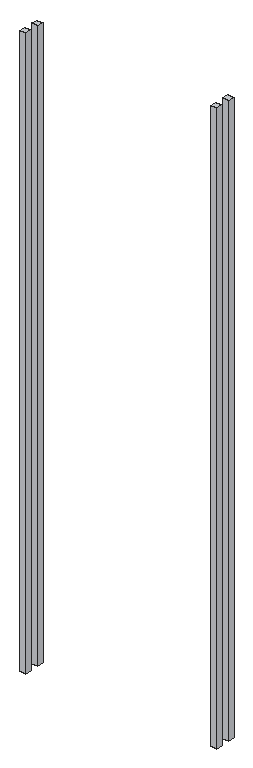
Revit family "c9aee10a26604fdaa734806d3d70e11a", category Generic Models, Revit 2021
Family settings
  Can host rebar = No
  Round Connector Dimension = Use Diameter
  Part Type = Normal
  Work Plane-Based = No
  Always vertical = Yes
  Cut with Voids When Loaded = No
  Shared = Yes
  Room Calculation Point = No
Parameters
  Width [instance] = 4' - 0"
  Thickness = 0' - 0 1/2"
  Height [instance] = 4' - 0"
  Interior Material [instance] = none
  Exterior Material [instance] = none
  Distance = 0' - 0 3/4"
  Default Elevation = 0' - 0"
Reference planes (in)
  plane 1 "Center (Front/Back)": y = 0
  plane 2: z = 0
  plane 3 "Center (Left/Right)": x = 0
  plane 4: z = 48
  plane 5: x = -24
  plane 6: x = 24
  plane 7 "a": y = 0.375
  plane 8 "b": y = -0.375
  plane 9: y = 0.875
  plane 10: y = -0.875
  plane 11: x = 8.25
  plane 12: x = 7.75
  plane 13: x = 8
  plane 14: x = -7.75
  plane 15: x = -8.25
  plane 16: x = -8
Forms (in)
  Extrusion 1, solid, material <- "Exterior Material", detail levels fine
    sketch origin (0, 0.375, 0) x (-1, 0, 0) y (0, 0, 1)
      loop
        line (7.75, 48) -> (7.75, 0) -> (8.25, 0) -> (8.25, 48) -> (7.75, 48)
      loop
        line (-8.25, 48) -> (-8.25, 0) -> (-7.75, 0) -> (-7.75, 48) -> (-8.25, 48)
    from 0 to 0.5
  Extrusion 2, solid, material <- "Interior Material", detail levels fine
    sketch origin (0, -0.375, 0) x (-1, 0, 0) y (0, 0, 1)
      loop
        line (-8.25, 48) -> (-8.25, 0) -> (-7.75, 0) -> (-7.75, 48) -> (-8.25, 48)
      loop
        line (7.75, 48) -> (7.75, 0) -> (8.25, 0) -> (8.25, 48) -> (7.75, 48)
    from 0 to -0.5
Lines and regions (in)
  model lines, detail levels medium
    curve 1: line (8, 0.375, 48) -> (8, 0.375, 0)
    curve 2: line (-8, 0.375, 48) -> (-8, 0.375, 0)
    curve 3: line (-8, -0.375, 48) -> (-8, -0.375, 0)
    curve 4: line (8, -0.375, 48) -> (8, -0.375, 0)
Dimensions and locks (in)
  equal spacing: plane 6, plane 3 "Center (Left/Right)", plane 5
  "Width": plane 6 to plane 5
  "Height": plane 4 to plane 2
  equal spacing: plane 7 "a", plane 1 "Center (Front/Back)", plane 8 "b"
  "Distance": plane 7 "a" to plane 8 "b"
  "Thickness": plane 9 to plane 7 "a"
  "Thickness": plane 8 "b" to plane 10
  locked: plane 11 to plane 12 at 0.5
  equal spacing: plane 11, plane 13, plane 12
  equal spacing: plane 14, plane 16, plane 15
  locked: plane 14 to plane 15 at 0.5
  equal spacing: plane 6, plane 13, plane 16, plane 5
  aligned and locked: plane 2 to level
  aligned and locked: plane 4 to Extrusion 1 sketch curve  (x2)
  aligned and locked: Extrusion 1 sketch curve to plane 2  (x2)
  aligned and locked: plane 7 "a" to Extrusion 1  (x2)
  aligned and locked: plane 9 to Extrusion 1
  aligned and locked: curve 1 to plane 13
  aligned and locked: level to curve 1
  aligned and locked: plane 4 to curve 1
  aligned and locked: curve 2 to plane 16
  aligned and locked: level to curve 2
  aligned and locked: plane 4 to curve 2
  aligned and locked: Extrusion 2 sketch curve to plane 4  (x2)
  aligned and locked: Extrusion 2 sketch curve to plane 11
  aligned and locked: level to Extrusion 2 sketch curve  (x2)
  aligned and locked: Extrusion 2 sketch curve to plane 12
  aligned and locked: Extrusion 2 sketch curve to plane 14
  aligned and locked: Extrusion 2 sketch curve to plane 15
  aligned and locked: Extrusion 2 to plane 8 "b"
  aligned and locked: Extrusion 2 to plane 10
  aligned and locked: level to curve 3
  aligned and locked: curve 3 to plane 16
  aligned and locked: plane 4 to curve 3
  aligned and locked: level to curve 4
  aligned and locked: curve 4 to plane 13
  aligned and locked: plane 4 to curve 4
  aligned and locked: Extrusion 1 sketch curve to plane 15
  aligned and locked: Extrusion 1 sketch curve to plane 14
  aligned and locked: Extrusion 1 sketch curve to plane 11
  aligned and locked: plane 12 to Extrusion 1 sketch curve
